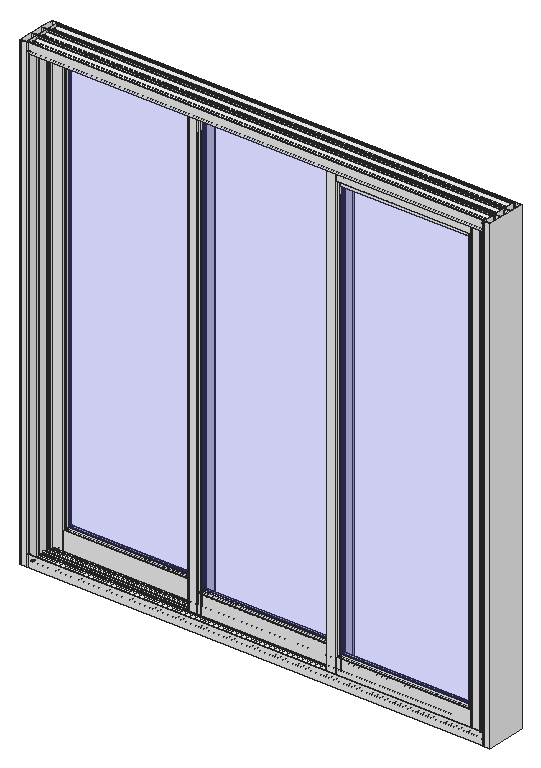
Revit family "Crealco Palace OXX", category Doors, host Wall, Revit 2016
Family settings
  Host = Wall
  OmniClass Number = 23.30.20.00
  OmniClass Title = Windows
  Always vertical = Yes
  Cut with Voids When Loaded = No
  Shared = No
  Room Calculation Point = No
Parameters (values of type "2090 x 2090mm (Palace-2121OXX)")
  f [instance] = if(L > 411.5 mm, L / 240 mm + 0.6, L / 175 mm)  # 1.1943
  b [instance] = Sash Width  # 701.367 mm
  a [instance] = Sash Width  # 701.367 mm
  Standard Interlock Ix = 25.866  # constant formula
  Standard Interlock [instance] = if(Ix < Standard Interlock Ix, 1 = 1, 1 = 0)  # yes
  Single Glazing [instance] = if(not(Glazing Thickness > 12 mm), 1 = 1, 1 = 0)  # yes
  Sash Width [instance] = ((Width - (2 * Sash Side Gap)) / 3) + 26.7 mm  # 701.367 mm
  Sash Top Gap = 28 mm  # constant formula
  Sash Side Gap = 33 mm  # constant formula
  Sash Middle Side Gap [instance] = Sash Side Gap + Sash Width - 40 mm  # 694.367 mm
  Sash Height [instance] = Height - Sash Top Gap - Sash Bottom Gap  # 2031 mm
  Sash Bottom Gap = 31 mm  # constant formula
  Heavy Duty Interlock [instance] = not(Standard Interlock)  # no
  Double Glazing [instance] = not(Single Glazing)  # no
  Door Width [instance] = 2090 mm
  Door Height [instance] = 2090 mm
  Wind Load [instance] = 1000
  Width [instance] = if(Standard Size, Standard Width, if(Enforce Size Limitations, if(Door Width > Limit Window Width Max, Limit Window Width Max, if(Door Width < Limit Window Width Min, Limit Window Width Min, Door Width)), Door Width))  # 2090 mm
  Wall Thickness [instance] = 200 mm
  W [instance] = Design Wind Load  # 1000
  URL = "https://www.crealco.co.za/crealco-products.php"
  Type Comments = "Palace-2121OXX"
  Standard Width = 2090 mm
  Standard Size = yes
  Standard Height = 2090 mm
  Show Opening Lines [instance] = yes
  Show Inertia Warnings [instance] = yes
  Q_RHS [instance] = W * A_RHS  # 609.9494
  Q_LHS [instance] = W * A_LHS  # 609.9494
  Model = "Palace"  # constant formula
  Min Wind Load = 0  # constant formula
  Max Wind Load = 10000  # constant formula
  Manufacturer = "Crealco"  # constant formula
  Limit Window Width Min = (3 * (Limit Sash Width Min - 26.7 mm)) + (2 * Sash Side Gap)  # 885.9 mm
  Limit Window Width Max = (3 * (Limit Sash Width Max - 26.7 mm)) + (2 * Sash Side Gap)  # 4485.9 mm
  Limit Window Height Min = Limit Sash Height Min + Sash Top Gap + Sash Bottom Gap  # 359 mm
  Limit Window Height Max = Limit Sash Height Max + Sash Top Gap + Sash Bottom Gap  # 2459 mm
  Limit Sash Width Min = 300 mm  # constant formula
  Limit Sash Width Max = 1500 mm  # constant formula
  Limit Sash Height Min = 300 mm  # constant formula
  Limit Sash Height Max = 2400 mm  # constant formula
  Limit Glazing Thickness Min = 6.3 mm  # constant formula
  Limit Glazing Thickness Max = 25 mm  # constant formula
  L [instance] = Height / 10  # 209 mm
  Ix_RHS [instance] = if((b / 10) < L, (((Q_RHS * (L ^ 4)) / (1920.00 m³ * (L - C_RHS) * E * f)) * (25 - 40 * (C_RHS ^ 2) / (L ^ 2) + 16 * (C_RHS ^ 4) / (L ^ 4))) * (10 * 10 ^ 8), ((Q_RHS * L ^ 3) / (60.00 m³ * E * f)) * (10 * 10 ^ 8))  # 9.9574
  Ix_LHS [instance] = if((a / 10) < L, (((Q_LHS * (L ^ 4)) / (1920.00 m³ * (L - C_LHS) * E * f)) * (25 - 40 * (C_LHS ^ 2) / (L ^ 2) + 16 * (C_LHS ^ 4) / (L ^ 4))) * (10 * 10 ^ 8), ((Q_LHS * L ^ 3) / (60.00 m³ * E * f)) * (10 * 10 ^ 8))  # 9.9574
  Ix [instance] = Ix_LHS + Ix_RHS  # 19.9148
  Height [instance] = if(Standard Size, Standard Height, if(Enforce Size Limitations, if(Door Height > Limit Window Height Max, Limit Window Height Max, if(Door Height < Limit Window Height Min, Limit Window Height Min, Door Height)), Door Height))  # 2090 mm
  Glazing Thickness [instance] = 6.4 mm
  Glazing Finish [instance] = Glass
  Frame Offset From Exterior [instance] = 30 mm
  Frame Offset [instance] = if(Frame Centered In Wall, Wall Thickness / 2, Frame Offset From Exterior + 14 mm)  # 100 mm
  Frame Centered In Wall [instance] = yes
  Enforce Size Limitations [instance] = yes
  E [instance] = 7 * (10 ^ 6)  # 7000000
  Design Wind Load [instance] = if(Wind Load < Min Wind Load, Min Wind Load, if(Wind Load > Max Wind Load, Max Wind Load, Wind Load))  # 1000
  Design Glazing Thickness [instance] = if(Glazing Thickness < Limit Glazing Thickness Min, Limit Glazing Thickness Min, if(Glazing Thickness > Limit Glazing Thickness Max, Limit Glazing Thickness Max, Glazing Thickness))  # 6.4 mm
  Description = "High Performance Sliding Door"  # constant formula
  Default Sill Height = 0 mm  # constant formula
  Wall Closure = By host
  C_RHS [instance] = b / 20  # 35.068 mm
  C_LHS [instance] = a / 20  # 35.068 mm
  Aluminium Finish [instance] = White Powder Coated Aluminium ANP 1052
  A_RHS [instance] = (if((b / 10) < L, L * C_RHS - (C_RHS ^ 2), 0.5 * L * C_RHS)) / 0.01 m²  # 0.60995
  A_LHS [instance] = (if((a / 10) < L, L * C_LHS - (C_LHS ^ 2), 0.5 * L * C_LHS)) / 0.01 m²  # 0.60995
Reference planes
  plane 1 "Center (Front/Back)": y = 0
  plane 2 "Center (Left/Right)": x = 0
  plane 3 "Left": x = -1045
  plane 4 "Right": x = 1045
  plane 5 "Sill": z = 0
  plane 6 "Head": z = 2090
  plane 7 "Exterior": y = 100
  plane 8 "Interior": y = -100
  plane 9: y = 0
  plane 10: x = 1012
  plane 11: x = -1012
  plane 12: z = 2062
  plane 13: z = 31
  plane 14: x = 350.633
Lines and regions (mm)
  Opening 1
    outline origin (3469.517, -100, 0) x (1, 0, 0) y (0, 0, 1)
      loop
        line (-2424.517, 0) -> (-2424.517, 2090) -> (-4514.517, 2090) -> (-4514.517, 0) -> (-2424.517, 0)
Text (mm)
  text "EXTERIOR" at (-1963.203, 1332.353, 0), in view "Ref. Level"
  text "INTERIOR" at (-1981.466, -818.386, 0), in view "Ref. Level"
  text "Exterior" at (0, 923.751, 2943.296), in view "Right"
  text "Exterior" at (0, 1040.484, 2685.409), in view "Left"
Dimensions and locks
  equal spacing: plane 3 "Left", plane 2 "Center (Left/Right)", plane 4 "Right"
  "Width": plane 3 "Left" to plane 4 "Right"
  "Height": plane 5 "Sill" to plane 6 "Head"
  "Default Sill Height": plane 5 "Sill" to level
  locked: plane 7 "Exterior" to host wall at 0
  locked: plane 8 "Interior" to host wall
  "Wall Thickness": host wall to host wall
  "Frame Offset": host wall to plane 9
  "Sash Side Gap": plane 3 "Left" to plane 11
  "Sash Side Gap": plane 10 to plane 4 "Right"
  "Sash Bottom Gap": plane 5 "Sill" to plane 13
  "Sash Top Gap": plane 12 to plane 6 "Head"
  "Sash Middle Side Gap": plane 14 to plane 4 "Right"
  aligned and locked: nested 1 to plane 2 "Center (Left/Right)"
  aligned and locked: nested 1 to plane 9
  aligned and locked: level to nested 1
  aligned and locked: plane 10 to nested 2
  aligned and locked: nested 2 to plane 12
  aligned and locked: nested 2 to nested 1
  aligned and locked: plane 14 to nested 3
  aligned and locked: nested 1 to nested 3
  aligned and locked: nested 3 to plane 12
  aligned and locked: nested 4 to plane 11
  aligned and locked: nested 4 to plane 12
  aligned and locked: nested 4 to nested 1
Automatic sketch dimensions
  Opening 1 sketch curve to plane 3 "Left" = 0 mm
  Opening 1 sketch curve to plane 4 "Right" = 0 mm
  Opening 1 sketch curve to plane 5 "Sill" = 0 mm
  Opening 1 sketch curve to plane 6 "Head" = 0 mm
Nested families
  nested 1: "Palace Triple Track Frame" at (0, 0, 0), Frame Height <- "Height", Frame Width <- "Width", Profile Material <- "Aluminium Finish", type "Palace Triple Track Frame"
    with Sill Length 2030 mm, Profile Material White Powder Coated Aluminium ANP 1052, Jamb Length 2090 mm, Jamb Adaptor Length 2021.2 mm, Jamb Adaptor Front Right yes, Jamb Adaptor Front Left no, Jamb Adaptor Back Right no, Jamb Adaptor Back Left yes, Head Length 2030 mm, Frame Width 2090 mm, Frame Height 2090 mm, Floor Track Middle yes, Floor Track Length 2030 mm, Floor Track Front yes
  nested 2: "Palace Sash" at (661.317, -55, 31), Profile Material <- "Aluminium Finish", Glazing Material <- "Glazing Finish", Glazing Thickness <- "Glazing Thickness", Sash Height <- "Sash Height", Sash Width <- "Sash Width", Double Glazing <- "Double Glazing", Side 1 Interlock 2 <- "Standard Interlock", Side 1 Interlock 2 HD <- "Heavy Duty Interlock", type "Palace Sash"
    with Single Glazing yes, Sill Length 601.367 mm, Side 2 Meeting Stile no, Side 2 Jamb yes, Side 2 Interlock 2 HD no, Side 2 Interlock 2 no, Side 2 Interlock 1 HD no, Side 2 Interlock 1 no, Side 2 Astragal HD no, Side 2 Astragal no, Side 1 Meeting Stile no, Side 1 Jamb no, Side 1 Interlock 2 HD no, Side 1 Interlock 2 yes, Side 1 Interlock 1 HD no, Side 1 Interlock 1 no, Side 1 Astragal HD no, Side 1 Astragal no, Sash Width 701.367 mm, Sash Height 2031 mm, Right Sliding no, Profile Material White Powder Coated Aluminium ANP 1052, Left Sliding no, Jamb Length 2031 mm, Head Sill Side 2 Gap 60 mm, Head Sill Side 1 Gap 40 mm, Head Length 601.367 mm, Glazing Width 591.367 mm, Glazing Thickness 6.4 mm, Glazing Offset 14.3 mm, Glazing Material Glass, Glazing Height 1886 mm, Double Glazing no, DG Thickness 14 mm
  nested 3: "Palace Sash" at (-0.05, 0, 31), Profile Material <- "Aluminium Finish", Glazing Material <- "Glazing Finish", Glazing Thickness <- "Glazing Thickness", Sash Height <- "Sash Height", Sash Width <- "Sash Width", Double Glazing <- "Double Glazing", Side 1 Interlock 2 <- "Standard Interlock", Side 1 Interlock 2 HD <- "Heavy Duty Interlock", Side 2 Interlock 1 <- "Standard Interlock", Side 2 Interlock 1 HD <- "Heavy Duty Interlock", Left Sliding <- "Show Opening Lines", type "Palace Sash"
    with Single Glazing yes, Sill Length 621.367 mm, Side 2 Meeting Stile no, Side 2 Jamb no, Side 2 Interlock 2 HD no, Side 2 Interlock 2 no, Side 2 Interlock 1 HD no, Side 2 Interlock 1 yes, Side 2 Astragal HD no, Side 2 Astragal no, Side 1 Meeting Stile no, Side 1 Jamb no, Side 1 Interlock 2 HD no, Side 1 Interlock 2 yes, Side 1 Interlock 1 HD no, Side 1 Interlock 1 no, Side 1 Astragal HD no, Side 1 Astragal no, Sash Width 701.367 mm, Sash Height 2031 mm, Right Sliding no, Profile Material White Powder Coated Aluminium ANP 1052, Left Sliding yes, Jamb Length 2031 mm, Head Sill Side 2 Gap 40 mm, Head Sill Side 1 Gap 40 mm, Head Length 621.367 mm, Glazing Width 611.367 mm, Glazing Thickness 6.4 mm, Glazing Offset 14.3 mm, Glazing Material Glass, Glazing Height 1886 mm, Double Glazing no, DG Thickness 14 mm
  nested 4: "Palace Sash" at (-661.317, 55, 31), Profile Material <- "Aluminium Finish", Glazing Material <- "Glazing Finish", Glazing Thickness <- "Glazing Thickness", Sash Height <- "Sash Height", Sash Width <- "Sash Width", Double Glazing <- "Double Glazing", Left Sliding <- "Show Opening Lines", Side 2 Interlock 1 <- "Standard Interlock", Side 2 Interlock 1 HD <- "Heavy Duty Interlock", type "Palace Sash"
    with Single Glazing yes, Sill Length 601.367 mm, Side 2 Meeting Stile no, Side 2 Jamb no, Side 2 Interlock 2 HD no, Side 2 Interlock 2 no, Side 2 Interlock 1 HD no, Side 2 Interlock 1 yes, Side 2 Astragal HD no, Side 2 Astragal no, Side 1 Meeting Stile no, Side 1 Jamb yes, Side 1 Interlock 2 HD no, Side 1 Interlock 2 no, Side 1 Interlock 1 HD no, Side 1 Interlock 1 no, Side 1 Astragal HD no, Side 1 Astragal no, Sash Width 701.367 mm, Sash Height 2031 mm, Right Sliding no, Profile Material White Powder Coated Aluminium ANP 1052, Left Sliding yes, Jamb Length 2031 mm, Head Sill Side 2 Gap 40 mm, Head Sill Side 1 Gap 60 mm, Head Length 601.367 mm, Glazing Width 591.367 mm, Glazing Thickness 6.4 mm, Glazing Offset 14.3 mm, Glazing Material Glass, Glazing Height 1886 mm, Double Glazing no, DG Thickness 14 mm
  nested 5: "Palace Single Glazing" at (355.633, -65.9, 121) x (-1, 0, 0) z (0, 0, 1), type "Palace Single Glazing"
    with Right Sliding no, Length Arrow Tip 49.572 mm, Length Arrow 163.589 mm, Left Sliding no, Is Sliding no, Glazing Width 591.367 mm, Glazing Thickness SG 6.4 mm, Glazing Material Glass, Glazing Height 1886 mm, Double Glazing Gasket Material none, Arrow Tip Length 49.572 mm, Arrow Left Gap 213.889 mm, Arrow Bottom Gap 943 mm
  nested 6: "Palace Single Glazing" at (-305.733, -10.9, 121) x (-1, 0, 0) z (0, 0, 1), type "Palace Single Glazing"
    with Right Sliding yes, Length Arrow Tip 51.593 mm, Length Arrow 170.256 mm, Left Sliding no, Is Sliding yes, Glazing Width 611.367 mm, Glazing Thickness SG 6.4 mm, Glazing Material Glass, Glazing Height 1886 mm, Double Glazing Gasket Material none, Arrow Tip Length 51.593 mm, Arrow Left Gap 220.556 mm, Arrow Bottom Gap 943 mm
  nested 7: "Palace Single Glazing" at (-947, 44.1, 121) x (-1, 0, 0) z (0, 0, 1), type "Palace Single Glazing"
    with Right Sliding yes, Length Arrow Tip 49.572 mm, Length Arrow 163.589 mm, Left Sliding no, Is Sliding yes, Glazing Width 591.367 mm, Glazing Thickness SG 6.4 mm, Glazing Material Glass, Glazing Height 1886 mm, Double Glazing Gasket Material none, Arrow Tip Length 49.572 mm, Arrow Left Gap 213.889 mm, Arrow Bottom Gap 943 mm
Definition of nested family "Palace Triple Track Frame"
  Parameters (values of type "Palace Triple Track Frame")
    Sill Length [instance] = Frame Width - (2 * Head Sill Side Gap)  # 940 mm
    Sash Offset = 55 mm  # constant formula
    Profile Material [instance] = none
    Jamb Adaptor Length [instance] = Frame Height - Head Thickness - 23.8 mm  # 931.2 mm
    Sill Thickness = 50 mm  # constant formula
    Jamb Adaptor Front Right [instance] = yes
    Jamb Adaptor Front Left [instance] = yes
    Jamb Adaptor Back Right [instance] = yes
    Jamb Adaptor Back Left [instance] = yes
    Head Thickness = 45 mm  # constant formula
    Head Sill Side Gap = 30 mm  # constant formula
    Jamb Length [instance] = Frame Height  # 1000 mm
    Head Length [instance] = Frame Width - (2 * Head Sill Side Gap)  # 940 mm
    Frame Width [instance] = 1000 mm
    Frame Height [instance] = 1000 mm
    Floor Track Middle [instance] = yes
    Floor Track Length [instance] = Frame Width - (2 * Head Sill Side Gap)  # 940 mm
    Floor Track Front [instance] = yes
  Reference planes
    plane 1 "Center (Front/Back)": y = 0
    plane 2: z = 0
    plane 3 "Center (Left/Right)": x = 0
    plane 4: x = -500
    plane 5: x = 500
    plane 6: z = 1000
    plane 7: z = 500
    plane 8: x = -470
    plane 9: x = 470
    plane 10: y = 55
    plane 11: y = -55
    plane 12: z = 955
    plane 13: z = 50
  Dimensions and locks
    equal spacing: plane 4, plane 3 "Center (Left/Right)", plane 5
    "Frame Width": plane 4 to plane 5
    equal spacing: plane 6, plane 7, level
    "Frame Height": plane 6 to level
    "Head Sill Side Gap": plane 9 to plane 5
    "Head Sill Side Gap": plane 4 to plane 8
    "Sash Offset": plane 11 to plane 1 "Center (Front/Back)"
    "Sash Offset": plane 1 "Center (Front/Back)" to plane 10
    "Head Thickness": plane 12 to plane 6
    "Sill Thickness": plane 13 to level
    aligned and locked: level to plane 2
    aligned and locked: plane 8 to nested 1
    aligned and locked: nested 1 to plane 6
    aligned and locked: plane 1 "Center (Front/Back)" to nested 1
    aligned and locked: plane 8 to nested 2
    aligned and locked: plane 1 "Center (Front/Back)" to nested 2
    aligned and locked: plane 2 to nested 2
    aligned and locked: nested 4 to plane 5
    aligned and locked: nested 3 to plane 4
    aligned and locked: nested 3 to plane 2
    aligned and locked: nested 4 to plane 2
    aligned and locked: plane 1 "Center (Front/Back)" to nested 3
    aligned and locked: nested 4 to plane 1 "Center (Front/Back)"
    aligned and locked: plane 8 to nested 5
    aligned and locked: nested 6 to plane 9
    aligned and locked: plane 12 to nested 5
    aligned and locked: plane 12 to nested 6
    aligned and locked: nested 5 to plane 10
    aligned and locked: nested 6 to plane 10
    aligned and locked: plane 1 "Center (Front/Back)" to nested 7
    aligned and locked: nested 7 to nested 2
    aligned and locked: nested 8 to nested 2
    aligned and locked: plane 8 to nested 8
    aligned and locked: plane 8 to nested 7
    aligned and locked: plane 8 to nested 10
    aligned and locked: nested 9 to plane 9
    aligned and locked: plane 12 to nested 9
    aligned and locked: plane 12 to nested 10
    aligned and locked: nested 9 to plane 11
    aligned and locked: nested 10 to plane 11
  Nested families
    nested 1: "Palace Triple Track Head" at (-470, 0, -1.436), Profile Material <- "Profile Material", Head Length <- "Head Length", type "Palace Triple Track Head"
      with Profile Material none, Head Length 940 mm
    nested 2: "Palace Triple Track Sill" at (-470, 0, 0), Profile Material <- "Profile Material", Sill Length <- "Sill Length", type "Palace Triple Track Sill"
      with Sill Length 940 mm, Profile Material none
    nested 3: "Palace Triple Track Jamb" at (-484.5, 0, 0), Profile Material <- "Profile Material", Jamb Length <- "Jamb Length", type "Palace Triple Track Jamb"
      with Profile Material none, Jamb Length 1000 mm
    nested 4: "Palace Triple Track Jamb" at (484.5, 0, 0) x (-1, 0, 0) z (0, 0, 1), Profile Material <- "Profile Material", Jamb Length <- "Jamb Length", type "Palace Triple Track Jamb"
      with Profile Material none, Jamb Length 1000 mm
    nested 5: "Palace Jamb Adpator" at (-470, 24.5, 23.8), Profile Material <- "Profile Material", Jamb Adaptor Length <- "Jamb Adaptor Length", visible <- "Jamb Adaptor Front Right", type "Palace Jamb Adpator"
      with Profile Material none, Jamb Adaptor Length 931.2 mm
    nested 6: "Palace Jamb Adpator" at (470, 85.5, 23.8) x (-1, 0, 0) z (0, 0, 1), Profile Material <- "Profile Material", Jamb Adaptor Length <- "Jamb Adaptor Length", visible <- "Jamb Adaptor Front Left", type "Palace Jamb Adpator"
      with Profile Material none, Jamb Adaptor Length 931.2 mm
    nested 7: "Palace Floor Track" at (-470, 0, 16.444), Profile Material <- "Profile Material", Length Floor Track <- "Floor Track Length", visible <- "Floor Track Middle", type "Palace Floor Track"
      with Profile Material none, Length Floor Track 940 mm
    nested 8: "Palace Floor Track" at (-470, 55, 16.444), Profile Material <- "Profile Material", Length Floor Track <- "Floor Track Length", visible <- "Floor Track Front", type "Palace Floor Track"
      with Profile Material none, Length Floor Track 940 mm
    nested 9: "Palace Jamb Adpator Cutout 1" at (470, -24.5, 23.8) x (-1, 0, 0) z (0, 0, 1), Jamb Adaptor Length <- "Jamb Adaptor Length", Profile Material <- "Profile Material", visible <- "Jamb Adaptor Back Left", type "Palace Jamb Adpator Cutout 1"
      with Profile Material none, Jamb Adaptor Length 931.2 mm
    nested 10: "Palace Jamb Adpator Cutout 2" at (-470, -85.5, 23.8), visible <- "Jamb Adaptor Back Right", Profile Material <- "Profile Material", Jamb Adaptor Length <- "Jamb Adaptor Length", type "Palace Jamb Adpator Cutout 2"
      with Profile Material none, Jamb Adaptor Length 931.2 mm
  Definition of nested family "Palace Triple Track Head"
    Parameters (values of type "Palace Triple Track Head")
      Profile Material [instance] = none
      Head Thickness = 45 mm  # constant formula
      Head Length [instance] = 250 mm
      Head Depth = 171 mm  # constant formula
    Reference planes
      plane 1 "Center (Front/Back)": y = 0
      plane 2: z = 0
      plane 3 "Center (Left/Right)": x = 0
      plane 4: y = -85.5
      plane 5: y = 85.5
      plane 6: z = 1001.436
      plane 7: z = 956.436
      plane 8: z = 978.936
      plane 9: x = 250
    Forms (mm)
      Extrusion 1, solid, material <- "Profile Material"
        sketch origin (0, 0, 0) x (0, 1, 0) y (0, 0, 1)
          loop
            arc (30.217, 1000.036) -> (30.137, 1000.984) -> (29.3, 1001.436) r 1
            line (29.3, 1001.436) -> (27.5, 1001.436) -> (25.7, 1001.436)
            arc (25.7, 1001.436) -> (24.863, 1000.984) -> (24.783, 1000.036) r 1
            line (24.783, 1000.036) -> (26.7, 1000.036) -> (26.7, 993.236) -> (-26.7, 993.236) -> (-26.7, 1000.036) -> (-24.783, 1000.036)
            arc (-24.783, 1000.036) -> (-24.863, 1000.984) -> (-25.7, 1001.436) r 1
            line (-25.7, 1001.436) -> (-29.3, 1001.436)
            arc (-29.3, 1001.436) -> (-30.137, 1000.984) -> (-30.217, 1000.036) r 1
            line (-30.217, 1000.036) -> (-28.3, 1000.036) -> (-28.3, 993.236) -> (-83.3, 993.236)
            arc (-83.3, 993.236) -> (-83.724, 993.412) -> (-83.9, 993.836) r 0.6
            line (-83.9, 993.836) -> (-83.9, 999.436)
            arc (-83.9, 999.436) -> (-83.724, 999.86) -> (-83.3, 1000.036) r 0.6
            line (-83.3, 1000.036) -> (-79.783, 1000.036)
            arc (-79.783, 1000.036) -> (-79.863, 1000.984) -> (-80.7, 1001.436) r 1
            line (-80.7, 1001.436) -> (-85.5, 1001.436) -> (-85.5, 956.436) -> (-79.7, 956.436) -> (-79.7, 958.686)
            arc (-79.7, 958.686) -> (-80.2, 959.186) -> (-80.7, 958.686) r 0.5
            line (-80.7, 958.686) -> (-80.7, 957.686) -> (-81.9, 957.686) -> (-81.9, 959.186) -> (-83.5, 959.186) -> (-83.5, 963.686) -> (-81.9, 963.686) -> (-81.9, 965.186) -> (-80.7, 965.186) -> (-80.7, 964.186)
            arc (-80.7, 964.186) -> (-80.2, 963.686) -> (-79.7, 964.186) r 0.5
            line (-79.7, 964.186) -> (-79.7, 966.436) -> (-83.7, 966.436) -> (-83.7, 991.436) -> (-57.993, 991.436)
            arc (-57.993, 991.436) -> (-58.583, 989.091) -> (-57.557, 986.902) r 3.6
            arc (-57.557, 986.902) -> (-56.496, 986.897) -> (-56.492, 987.958) r 0.75
            arc (-56.492, 987.958) -> (-55, 991.536) -> (-53.508, 987.958) r 2.1
            arc (-53.508, 987.958) -> (-53.504, 986.897) -> (-52.443, 986.902) r 0.75
            arc (-52.443, 986.902) -> (-51.417, 989.091) -> (-52.007, 991.436) r 3.6
            line (-52.007, 991.436) -> (-28.4, 991.436) -> (-28.4, 966.436) -> (-30.3, 966.436) -> (-30.3, 964.186)
            arc (-30.3, 964.186) -> (-29.8, 963.686) -> (-29.3, 964.186) r 0.5
            line (-29.3, 964.186) -> (-29.3, 965.186) -> (-28.1, 965.186) -> (-28.1, 957.686) -> (-29.3, 957.686) -> (-29.3, 958.686)
            arc (-29.3, 958.686) -> (-29.8, 959.186) -> (-30.3, 958.686) r 0.5
            line (-30.3, 958.686) -> (-30.3, 956.436) -> (-24.7, 956.436) -> (-24.7, 958.686)
            arc (-24.7, 958.686) -> (-25.2, 959.186) -> (-25.7, 958.686) r 0.5
            line (-25.7, 958.686) -> (-25.7, 957.686) -> (-26.9, 957.686) -> (-26.9, 965.186) -> (-25.7, 965.186) -> (-25.7, 964.186)
            arc (-25.7, 964.186) -> (-25.2, 963.686) -> (-24.7, 964.186) r 0.5
            line (-24.7, 964.186) -> (-24.7, 966.436) -> (-26.6, 966.436) -> (-26.6, 991.436) -> (-2.993, 991.436)
            arc (-2.993, 991.436) -> (-3.583, 989.091) -> (-2.557, 986.902) r 3.6
            arc (-2.557, 986.902) -> (-1.496, 986.897) -> (-1.492, 987.958) r 0.75
            arc (-1.492, 987.958) -> (-1.929, 990.265) -> (0.045, 991.536) r 2.1
            arc (0.045, 991.536) -> (1.947, 990.223) -> (1.492, 987.958) r 2.1
            arc (1.492, 987.958) -> (1.496, 986.897) -> (2.557, 986.902) r 0.75
            arc (2.557, 986.902) -> (3.583, 989.091) -> (2.993, 991.436) r 3.6
            line (2.993, 991.436) -> (26.6, 991.436) -> (26.6, 966.436) -> (24.7, 966.436) -> (24.7, 964.186)
            arc (24.7, 964.186) -> (25.2, 963.686) -> (25.7, 964.186) r 0.5
            line (25.7, 964.186) -> (25.7, 965.186) -> (26.9, 965.186) -> (26.9, 957.686) -> (25.7, 957.686) -> (25.7, 958.686)
            arc (25.7, 958.686) -> (25.2, 959.186) -> (24.7, 958.686) r 0.5
            line (24.7, 958.686) -> (24.7, 956.436) -> (30.3, 956.436) -> (30.3, 958.686)
            arc (30.3, 958.686) -> (29.8, 959.186) -> (29.3, 958.686) r 0.5
            line (29.3, 958.686) -> (29.3, 957.686) -> (28.1, 957.686) -> (28.1, 965.186) -> (29.3, 965.186) -> (29.3, 964.186)
            arc (29.3, 964.186) -> (29.8, 963.686) -> (30.3, 964.186) r 0.5
            line (30.3, 964.186) -> (30.3, 966.436) -> (28.4, 966.436) -> (28.4, 991.436) -> (52.007, 991.436)
            arc (52.007, 991.436) -> (51.417, 989.091) -> (52.443, 986.902) r 3.6
            arc (52.443, 986.902) -> (53.504, 986.897) -> (53.508, 987.958) r 0.75
            arc (53.508, 987.958) -> (53.02, 990.136) -> (54.768, 991.523) r 2.1
            arc (54.768, 991.523) -> (56.891, 990.35) -> (56.492, 987.958) r 2.1
            arc (56.492, 987.958) -> (56.496, 986.897) -> (57.557, 986.902) r 0.75
            arc (57.557, 986.902) -> (58.583, 989.091) -> (57.993, 991.436) r 3.6
            line (57.993, 991.436) -> (83.7, 991.436) -> (83.7, 966.436) -> (79.7, 966.436) -> (79.7, 964.186)
            arc (79.7, 964.186) -> (80.2, 963.686) -> (80.7, 964.186) r 0.5
            line (80.7, 964.186) -> (80.7, 965.186) -> (81.9, 965.186) -> (81.9, 963.686) -> (83.5, 963.686) -> (83.5, 959.186) -> (81.9, 959.186) -> (81.9, 957.686) -> (80.7, 957.686) -> (80.7, 958.686)
            arc (80.7, 958.686) -> (80.2, 959.186) -> (79.7, 958.686) r 0.5
            line (79.7, 958.686) -> (79.7, 956.436) -> (85.5, 956.436) -> (85.5, 1001.436) -> (80.7, 1001.436)
            arc (80.7, 1001.436) -> (79.863, 1000.984) -> (79.783, 1000.036) r 1
            line (79.783, 1000.036) -> (83.3, 1000.036)
            arc (83.3, 1000.036) -> (83.724, 999.86) -> (83.9, 999.436) r 0.6
            line (83.9, 999.436) -> (83.9, 993.836)
            arc (83.9, 993.836) -> (83.724, 993.412) -> (83.3, 993.236) r 0.6
            line (83.3, 993.236) -> (28.3, 993.236) -> (28.3, 1000.036) -> (30.217, 1000.036)
        from 0 to 250 <- "Head Length"
    Dimensions and locks
      equal spacing: plane 4, plane 1 "Center (Front/Back)", plane 5
      "Head Depth": plane 4 to plane 5
      equal spacing: plane 6, plane 8, plane 7
      "Head Thickness": plane 6 to plane 7
      "Head Length": plane 3 "Center (Left/Right)" to plane 9
      aligned and locked: level to plane 2
    Automatic sketch dimensions
      Extrusion 1 sketch curve to Extrusion 1 sketch curve = 0 mm  (x51)
      plane 7 to Extrusion 1 sketch curve = 0 mm  (x3)
      Extrusion 1 sketch curve to plane 4 = 0 mm
      Extrusion 1 sketch curve to Extrusion 1 sketch curve = 1.6 mm  (x6)
      Extrusion 1 sketch curve to Extrusion 1 sketch curve = 0.2 mm
      Extrusion 1 sketch curve to Extrusion 1 sketch curve = 2 mm  (x2)
      Extrusion 1 sketch curve to Extrusion 1 sketch curve = 0.6 mm  (x2)
      Extrusion 1 sketch curve to plane 6 = 7.6 mm  (x2)
      Extrusion 1 sketch curve to Extrusion 1 sketch curve = 2.6 mm  (x2)
      Extrusion 1 sketch curve to Extrusion 1 sketch curve = 1.2 mm  (x11)
      Extrusion 1 sketch curve to Extrusion 1 sketch curve = 0.5 mm  (x16)
      Extrusion 1 sketch curve to Extrusion 1 sketch curve = 0.917 mm  (x5)
      Extrusion 1 sketch curve to plane 6 = 10 mm  (x5)
      Extrusion 1 sketch curve to Extrusion 1 sketch curve = 21.79 mm  (x3)
      Extrusion 1 sketch curve to Extrusion 1 sketch curve = 0.969 mm  (x2)
      Extrusion 1 sketch curve to Extrusion 1 sketch curve = 2.024 mm  (x4)
      Extrusion 1 sketch curve to Extrusion 1 sketch curve = 2.993 mm  (x2)
      plane 1 "Center (Front/Back)" to Extrusion 1 sketch curve = 30.3 mm  (x2)
      plane 1 "Center (Front/Back)" to Extrusion 1 sketch curve = 30.217 mm
      plane 1 "Center (Front/Back)" to Extrusion 1 sketch curve = 29.3 mm
      plane 1 "Center (Front/Back)" to Extrusion 1 sketch curve = 28.4 mm
      plane 1 "Center (Front/Back)" to Extrusion 1 sketch curve = 28.3 mm
      plane 1 "Center (Front/Back)" to Extrusion 1 sketch curve = 28.1 mm
      Extrusion 1 sketch curve to Extrusion 1 sketch curve = 1.8 mm  (x3)
      Extrusion 1 sketch curve to Extrusion 1 sketch curve = 1 mm  (x13)
      plane 5 to Extrusion 1 sketch curve = 60.8 mm
      Extrusion 1 sketch curve to plane 6 = 1.4 mm  (x3)
      Extrusion 1 sketch curve to Extrusion 1 sketch curve = 1.817 mm
      Extrusion 1 sketch curve to Extrusion 1 sketch curve = 0.8 mm
      plane 5 to Extrusion 1 sketch curve = 33.493 mm
      plane 5 to Extrusion 1 sketch curve = 32.524 mm
      plane 5 to Extrusion 1 sketch curve = 30.5 mm
      plane 5 to Extrusion 1 sketch curve = 28.476 mm
      plane 5 to Extrusion 1 sketch curve = 27.507 mm
      plane 7 to Extrusion 1 sketch curve = 2.25 mm
      plane 5 to Extrusion 1 sketch curve = 5.8 mm
      plane 5 to Extrusion 1 sketch curve = 5.717 mm
      Extrusion 1 sketch curve to plane 6 = 8.2 mm  (x2)
      Extrusion 1 sketch curve to Extrusion 1 sketch curve = 2.25 mm
      Extrusion 1 sketch curve to Extrusion 1 sketch curve = 1.25 mm  (x10)
      Extrusion 1 sketch curve to Extrusion 1 sketch curve = 4.5 mm  (x2)
      Extrusion 1 sketch curve to Extrusion 1 sketch curve = 5.5 mm  (x2)
      Extrusion 1 sketch curve to Extrusion 1 sketch curve = 1.5 mm  (x2)
      Extrusion 1 sketch curve to Extrusion 1 sketch curve = 4.006 mm  (x2)
      Extrusion 1 sketch curve to plane 6 = 14.006 mm
      Extrusion 1 sketch curve to Extrusion 1 sketch curve = 2.006 mm  (x3)
      Extrusion 1 sketch curve to plane 6 = 2 mm
      Extrusion 1 sketch curve to Extrusion 1 sketch curve = 0.4 mm  (x4)
      Extrusion 1 sketch curve to Extrusion 1 sketch curve = 0.045 mm
      Extrusion 1 sketch curve to Extrusion 1 sketch curve = 0.232 mm
  Definition of nested family "Palace Triple Track Sill"
    Parameters (values of type "Palace Triple Track Sill")
      Sill Thickness = 50 mm  # constant formula
      Sill Length [instance] = 250 mm
      Sill Depth = 171 mm  # constant formula
      Profile Material [instance] = none
    Reference planes
      plane 1 "Center (Front/Back)": y = 0
      plane 2: z = 0
      plane 3 "Center (Left/Right)": x = 0
      plane 4: y = -85.5
      plane 5: y = 85.5
      plane 6: z = 50
      plane 7: z = 25
    Forms (mm)
      Extrusion 1, solid, material <- "Profile Material"
        sketch origin (0, 0, 0) x (0, 1, 0) y (0, 0, 1)
          loop
            line (-41.65, 15.744) -> (-43.4, 15.744)
            arc (-43.4, 15.744) -> (-44.194, 15.929) -> (-44.825, 16.444) r 1.8
            line (-44.825, 16.444) -> (-67.65, 16.444)
            arc (-67.65, 16.444) -> (-68.074, 16.62) -> (-68.25, 17.044) r 0.6
            line (-68.25, 17.044) -> (-68.25, 19.405)
            arc (-68.25, 19.405) -> (-69.349, 22.158) -> (-72.041, 23.399) r 4
            line (-72.041, 23.399) -> (-82.752, 23.961)
            arc (-82.752, 23.961) -> (-83.425, 24.271) -> (-83.7, 24.959) r 1
            line (-83.7, 24.959) -> (-83.7, 40) -> (-79.7, 40) -> (-79.7, 42.25)
            arc (-79.7, 42.25) -> (-80.2, 42.75) -> (-80.7, 42.25) r 0.5
            line (-80.7, 42.25) -> (-80.7, 41.25) -> (-81.9, 41.25) -> (-81.9, 42.75) -> (-83.5, 42.75) -> (-83.5, 47.25) -> (-81.9, 47.25) -> (-81.9, 48.75) -> (-80.7, 48.75) -> (-80.7, 47.75)
            arc (-80.7, 47.75) -> (-80.2, 47.25) -> (-79.7, 47.75) r 0.5
            line (-79.7, 47.75) -> (-79.7, 50) -> (-85.5, 50) -> (-85.5, 0) -> (-80.7, 0)
            arc (-80.7, 0) -> (-79.863, 0.452) -> (-79.783, 1.4) r 1
            line (-79.783, 1.4) -> (-83.7, 1.4) -> (-83.7, 21.154)
            arc (-83.7, 21.154) -> (-83.388, 21.88) -> (-82.648, 22.153) r 1
            line (-82.648, 22.153) -> (-72.135, 21.602)
            arc (-72.135, 21.602) -> (-70.654, 20.919) -> (-70.05, 19.405) r 2.2
            line (-70.05, 19.405) -> (-70.05, 16.744)
            arc (-70.05, 16.744) -> (-69.435, 15.259) -> (-67.95, 14.644) r 2.1
            line (-67.95, 14.644) -> (-57.454, 14.644)
            arc (-57.454, 14.644) -> (-58.599, 12.082) -> (-57.557, 9.476) r 3.6
            arc (-57.557, 9.476) -> (-56.496, 9.471) -> (-56.492, 10.532) r 0.75
            arc (-56.492, 10.532) -> (-56.96, 12.764) -> (-55.115, 14.107) r 2.1
            arc (-55.115, 14.107) -> (-53.085, 12.871) -> (-53.508, 10.532) r 2.1
            arc (-53.508, 10.532) -> (-53.504, 9.471) -> (-52.443, 9.476) r 0.75
            arc (-52.443, 9.476) -> (-51.401, 12.082) -> (-52.546, 14.644) r 3.6
            line (-52.546, 14.644) -> (-45.536, 14.644)
            arc (-45.536, 14.644) -> (-44.521, 14.132) -> (-43.4, 13.944) r 3.787
            line (-43.4, 13.944) -> (-41.65, 13.944)
            arc (-41.65, 13.944) -> (-39.444, 14.74) -> (-38.156, 16.699) r 3.711
            arc (-38.156, 16.699) -> (-37.942, 17.02) -> (-37.576, 17.144) r 0.6
            line (-37.576, 17.144) -> (-28.3, 17.144) -> (-28.3, 1.41) -> (-30.217, 1.41)
            arc (-30.217, 1.41) -> (-30.137, 0.462) -> (-29.3, 0.01) r 1
            line (-29.3, 0.01) -> (-25.7, 0.01)
            arc (-25.7, 0.01) -> (-24.863, 0.462) -> (-24.783, 1.41) r 1
            line (-24.783, 1.41) -> (-26.7, 1.41) -> (-26.7, 17.144) -> (-15.643, 17.144)
            arc (-15.643, 17.144) -> (-15.234, 16.984) -> (-15.044, 16.589) r 0.6
            arc (-15.044, 16.589) -> (-14.379, 15.205) -> (-12.95, 14.644) r 2.1
            line (-12.95, 14.644) -> (-2.454, 14.644)
            arc (-2.454, 14.644) -> (-3.599, 12.082) -> (-2.557, 9.476) r 3.6
            arc (-2.557, 9.476) -> (-1.496, 9.471) -> (-1.492, 10.532) r 0.75
            arc (-1.492, 10.532) -> (-1.971, 12.734) -> (-0.179, 14.102) r 2.1
            arc (-0.179, 14.102) -> (1.902, 12.9) -> (1.492, 10.532) r 2.1
            arc (1.492, 10.532) -> (1.496, 9.471) -> (2.557, 9.476) r 0.75
            arc (2.557, 9.476) -> (3.599, 12.082) -> (2.454, 14.644) r 3.6
            line (2.454, 14.644) -> (9.464, 14.644)
            arc (9.464, 14.644) -> (10.479, 14.132) -> (11.6, 13.944) r 3.787
            line (11.6, 13.944) -> (13.35, 13.944)
            arc (13.35, 13.944) -> (15.473, 14.676) -> (16.785, 16.498) r 3.711
            arc (16.785, 16.498) -> (17.016, 16.806) -> (17.386, 16.91) r 0.6
            line (17.386, 16.91) -> (26.7, 16.422) -> (26.7, 1.4) -> (24.783, 1.4)
            arc (24.783, 1.4) -> (24.863, 0.452) -> (25.7, 0) r 1
            line (25.7, 0) -> (29.3, 0)
            arc (29.3, 0) -> (30.137, 0.452) -> (30.217, 1.4) r 1
            line (30.217, 1.4) -> (28.3, 1.4) -> (28.3, 16.339) -> (40.22, 15.714)
            arc (40.22, 15.714) -> (40.99, 14.931) -> (42.05, 14.644) r 2.1
            line (42.05, 14.644) -> (52.546, 14.644)
            arc (52.546, 14.644) -> (51.401, 12.082) -> (52.443, 9.476) r 3.6
            arc (52.443, 9.476) -> (53.504, 9.471) -> (53.508, 10.532) r 0.75
            arc (53.508, 10.532) -> (53.028, 12.732) -> (54.817, 14.102) r 2.1
            arc (54.817, 14.102) -> (56.901, 12.901) -> (56.492, 10.532) r 2.1
            arc (56.492, 10.532) -> (56.496, 9.471) -> (57.557, 9.476) r 0.75
            arc (57.557, 9.476) -> (58.599, 12.082) -> (57.454, 14.644) r 3.6
            line (57.454, 14.644) -> (66.219, 14.644) -> (66.954, 14.313) -> (83.131, 13.465)
            arc (83.131, 13.465) -> (83.535, 13.279) -> (83.7, 12.866) r 0.6
            line (83.7, 12.866) -> (83.7, 1.4) -> (79.783, 1.4)
            arc (79.783, 1.4) -> (79.863, 0.452) -> (80.7, 0) r 1
            line (80.7, 0) -> (85.5, 0) -> (85.5, 12.961)
            arc (85.5, 12.961) -> (84.868, 14.544) -> (83.32, 15.258) r 2.3
            line (83.32, 15.258) -> (68.74, 16.022) -> (67.95, 16.444) -> (42.05, 16.444) -> (41.466, 17.451) -> (13.776, 18.902)
            arc (13.776, 18.902) -> (13.236, 18.513) -> (13.498, 17.9) r 0.532
            line (13.498, 17.9) -> (15.149, 17.609)
            arc (15.149, 17.609) -> (14.646, 16.295) -> (13.35, 15.744) r 1.8
            line (13.35, 15.744) -> (11.6, 15.744)
            arc (11.6, 15.744) -> (10.806, 15.929) -> (10.175, 16.444) r 1.8
            line (10.175, 16.444) -> (-12.65, 16.444)
            arc (-12.65, 16.444) -> (-13.074, 16.62) -> (-13.25, 17.044) r 0.6
            line (-13.25, 17.044) -> (-13.25, 18.344)
            arc (-13.25, 18.344) -> (-13.426, 18.768) -> (-13.85, 18.944) r 0.6
            line (-13.85, 18.944) -> (-41.25, 18.944)
            arc (-41.25, 18.944) -> (-41.787, 18.522) -> (-41.502, 17.9) r 0.552
            line (-41.502, 17.9) -> (-39.851, 17.609)
            arc (-39.851, 17.609) -> (-40.354, 16.295) -> (-41.65, 15.744) r 1.8
        from 0 to 250 <- "Sill Length"
    Dimensions and locks
      equal spacing: plane 4, plane 1 "Center (Front/Back)", plane 5
      equal spacing: plane 6, plane 7, level
      "Sill Thickness": plane 6 to level
      "Sill Depth": plane 4 to plane 5
      aligned and locked: level to plane 2
    Automatic sketch dimensions
      Extrusion 1 sketch curve to Extrusion 1 sketch curve = 0 mm  (x32)
      Extrusion 1 sketch curve to plane 5 = 171 mm
      Extrusion 1 sketch curve to Extrusion 1 sketch curve = 1.8 mm  (x5)
      Extrusion 1 sketch curve to Extrusion 1 sketch curve = 2 mm
      Extrusion 1 sketch curve to plane 6 = 26.039 mm
      Extrusion 1 sketch curve to Extrusion 1 sketch curve = 0.948 mm
      Extrusion 1 sketch curve to Extrusion 1 sketch curve = 1 mm  (x13)
      Extrusion 1 sketch curve to plane 6 = 27.847 mm
      Extrusion 1 sketch curve to Extrusion 1 sketch curve = 0.052 mm
      Extrusion 1 sketch curve to Extrusion 1 sketch curve = 1.6 mm  (x6)
      Extrusion 1 sketch curve to Extrusion 1 sketch curve = 1.2 mm  (x2)
      Extrusion 1 sketch curve to Extrusion 1 sketch curve = 3 mm
      Extrusion 1 sketch curve to Extrusion 1 sketch curve = 0.5 mm  (x4)
      Extrusion 1 sketch curve to Extrusion 1 sketch curve = 0.917 mm  (x6)
      Extrusion 1 sketch curve to Extrusion 1 sketch curve = 10.45 mm
      Extrusion 1 sketch curve to plane 6 = 28.398 mm
      Extrusion 1 sketch curve to Extrusion 1 sketch curve = 0.115 mm  (x2)
      Extrusion 1 sketch curve to plane 6 = 26.601 mm
      Extrusion 1 sketch curve to Extrusion 1 sketch curve = 0.094 mm
      Extrusion 1 sketch curve to Extrusion 1 sketch curve = 2.2 mm
      Extrusion 1 sketch curve to Extrusion 1 sketch curve = 0.3 mm  (x5)
      Extrusion 1 sketch curve to plane 6 = 35.356 mm  (x3)
      Extrusion 1 sketch curve to Extrusion 1 sketch curve = 10.196 mm  (x2)
      Extrusion 1 sketch curve to plane 6 = 39.996 mm  (x6)
      Extrusion 1 sketch curve to Extrusion 1 sketch curve = 0.429 mm  (x3)
      Extrusion 1 sketch curve to plane 6 = 37.99 mm  (x3)
      Extrusion 1 sketch curve to Extrusion 1 sketch curve = 2.024 mm  (x6)
      Extrusion 1 sketch curve to Extrusion 1 sketch curve = 2.454 mm  (x3)
      Extrusion 1 sketch curve to Extrusion 1 sketch curve = 7.011 mm  (x2)
      Extrusion 1 sketch curve to Extrusion 1 sketch curve = 0.711 mm  (x2)
      Extrusion 1 sketch curve to Extrusion 1 sketch curve = 1.425 mm  (x2)
      Extrusion 1 sketch curve to Extrusion 1 sketch curve = 0.058 mm  (x2)
      Extrusion 1 sketch curve to Extrusion 1 sketch curve = 1.75 mm  (x3)
      Extrusion 1 sketch curve to plane 6 = 32.1 mm  (x2)
      Extrusion 1 sketch curve to Extrusion 1 sketch curve = 0.239 mm  (x2)
      Extrusion 1 sketch curve to Extrusion 1 sketch curve = 0.252 mm
      Extrusion 1 sketch curve to plane 6 = 32.391 mm  (x2)
      Extrusion 1 sketch curve to Extrusion 1 sketch curve = 1.399 mm
      Extrusion 1 sketch curve to Extrusion 1 sketch curve = 2.275 mm
      Extrusion 1 sketch curve to Extrusion 1 sketch curve = 7.359 mm
      Extrusion 1 sketch curve to plane 6 = 33.456 mm
      Extrusion 1 sketch curve to Extrusion 1 sketch curve = 11.057 mm
      Extrusion 1 sketch curve to Extrusion 1 sketch curve = 1.793 mm
      Extrusion 1 sketch curve to Extrusion 1 sketch curve = 0.6 mm  (x3)
      Extrusion 1 sketch curve to Extrusion 1 sketch curve = 2.136 mm
      Extrusion 1 sketch curve to Extrusion 1 sketch curve = 0.091 mm
      Extrusion 1 sketch curve to Extrusion 1 sketch curve = 0.25 mm
      Extrusion 1 sketch curve to plane 6 = 31.098 mm
      Extrusion 1 sketch curve to Extrusion 1 sketch curve = 0.028 mm
      Extrusion 1 sketch curve to Extrusion 1 sketch curve = 1.401 mm
      Extrusion 1 sketch curve to Extrusion 1 sketch curve = 2.206 mm
      Extrusion 1 sketch curve to plane 6 = 33.09 mm
      Extrusion 1 sketch curve to Extrusion 1 sketch curve = 0.031 mm  (x2)
      Extrusion 1 sketch curve to Extrusion 1 sketch curve = 7.429 mm
      Extrusion 1 sketch curve to plane 6 = 34.286 mm
      Extrusion 1 sketch curve to Extrusion 1 sketch curve = 11.92 mm
      Extrusion 1 sketch curve to plane 6 = 32.549 mm
      Extrusion 1 sketch curve to Extrusion 1 sketch curve = 1.246 mm
      Extrusion 1 sketch curve to Extrusion 1 sketch curve = 1.83 mm
      Extrusion 1 sketch curve to Extrusion 1 sketch curve = 10.496 mm
      Extrusion 1 sketch curve to Extrusion 1 sketch curve = 8.766 mm
      Extrusion 1 sketch curve to plane 6 = 35.687 mm
      Extrusion 1 sketch curve to Extrusion 1 sketch curve = 0.734 mm
      Extrusion 1 sketch curve to plane 6 = 33.556 mm
      Extrusion 1 sketch curve to Extrusion 1 sketch curve = 0.996 mm
      Extrusion 1 sketch curve to plane 6 = 33.978 mm
      Extrusion 1 sketch curve to Extrusion 1 sketch curve = 0.79 mm
      Extrusion 1 sketch curve to Extrusion 1 sketch curve = 12.83 mm
      Extrusion 1 sketch curve to plane 6 = 37.134 mm
      Extrusion 1 sketch curve to Extrusion 1 sketch curve = 3.317 mm
      Extrusion 1 sketch curve to plane 6 = 36.535 mm
      Extrusion 1 sketch curve to Extrusion 1 sketch curve = 0.1 mm
      Extrusion 1 sketch curve to plane 6 = 34.742 mm
      Extrusion 1 sketch curve to Extrusion 1 sketch curve = 0.189 mm
      Extrusion 1 sketch curve to plane 6 = 50 mm  (x3)
      Extrusion 1 sketch curve to plane 6 = 49.99 mm
      Extrusion 1 sketch curve to plane 6 = 36.056 mm  (x2)
      Extrusion 1 sketch curve to Extrusion 1 sketch curve = 2.634 mm
      Extrusion 1 sketch curve to Extrusion 1 sketch curve = 0.7 mm  (x3)
      Extrusion 1 sketch curve to Extrusion 1 sketch curve = 0.599 mm
      Extrusion 1 sketch curve to plane 6 = 33.661 mm
      Extrusion 1 sketch curve to Extrusion 1 sketch curve = 0.083 mm
      Extrusion 1 sketch curve to Extrusion 1 sketch curve = 1.065 mm
      Extrusion 1 sketch curve to Extrusion 1 sketch curve = 0.109 mm  (x2)
      Extrusion 1 sketch curve to Extrusion 1 sketch curve = 1.3 mm
      Extrusion 1 sketch curve to Extrusion 1 sketch curve = 15.041 mm
      Extrusion 1 sketch curve to Extrusion 1 sketch curve = 1.25 mm
      Extrusion 1 sketch curve to Extrusion 1 sketch curve = 4.5 mm
      Extrusion 1 sketch curve to Extrusion 1 sketch curve = 1.5 mm
      Extrusion 1 sketch curve to Extrusion 1 sketch curve = 2.75 mm
      Extrusion 1 sketch curve to Extrusion 1 sketch curve = 0.179 mm
      Extrusion 1 sketch curve to Extrusion 1 sketch curve = 0.183 mm
  Definition of nested family "Palace Triple Track Jamb"
    Parameters (values of type "Palace Triple Track Jamb")
      Profile Material [instance] = none
      Jamb Thickness = 31 mm  # constant formula
      Jamb Length [instance] = 250 mm
      Jamb Depth = 173 mm  # constant formula
    Reference planes
      plane 1 "Center (Front/Back)": y = 0
      plane 2: z = 0
      plane 3 "Center (Left/Right)": x = 0
      plane 4: x = -15.5
      plane 5: y = -86.5
      plane 6: x = 15.5
      plane 7: y = 86.5
    Forms (mm)
      Extrusion 1, solid, material <- "Profile Material"
        sketch origin (0, 0, 0) x (1, 0, 0) y (0, 1, 0)
          loop
            line (13, -85) -> (13, -78.182) -> (12.5, -76.754) -> (12.5, -33.246) -> (13, -31.818) -> (13, -28.2) -> (-14, -28.2) -> (-14, -85) -> (13, -85)
          loop
            line (13, 28.2) -> (13, 31.818) -> (12.5, 33.246) -> (12.5, 76.754) -> (13, 78.182) -> (13, 85) -> (-14, 85) -> (-14, 28.2) -> (13, 28.2)
          loop
            line (13, -26.8) -> (13, -23.182) -> (12.5, -21.754) -> (12.5, 21.754) -> (13, 23.182) -> (13, 26.8) -> (-14, 26.8) -> (-14, -26.8) -> (13, -26.8)
          loop
            line (15.5, -86.5) -> (15.5, -85.7) -> (14.5, -85.7) -> (14.5, -77.78) -> (14, -76.754) -> (14, -33.237) -> (14.5, -32.227) -> (14.5, -22.769) -> (14, -21.757) -> (14, 21.767) -> (14.5, 22.784) -> (14.5, 32.225) -> (14, 33.24) -> (14, 76.754) -> (14.5, 77.774) -> (14.5, 85.7) -> (15.5, 85.7) -> (15.5, 86.5) -> (-15.5, 86.5) -> (-15.5, -86.5) -> (15.5, -86.5)
        from 0 to 250 <- "Jamb Length"
    Dimensions and locks
      equal spacing: plane 4, plane 3 "Center (Left/Right)", plane 6
      "Jamb Thickness": plane 4 to plane 6
      equal spacing: plane 7, plane 1 "Center (Front/Back)", plane 5
      "Jamb Depth": plane 5 to plane 7
      aligned and locked: level to plane 2
    Automatic sketch dimensions
      plane 6 to Extrusion 1 sketch curve = 31 mm
      Extrusion 1 sketch curve to Extrusion 1 sketch curve = 1.5 mm  (x7)
      Extrusion 1 sketch curve to Extrusion 1 sketch curve = 0 mm  (x8)
      Extrusion 1 sketch curve to Extrusion 1 sketch curve = 26.5 mm
      Extrusion 1 sketch curve to Extrusion 1 sketch curve = 0.5 mm  (x7)
      Extrusion 1 sketch curve to Extrusion 1 sketch curve = 1 mm  (x2)
      Extrusion 1 sketch curve to plane 7 = 173 mm
      Extrusion 1 sketch curve to Extrusion 1 sketch curve = 0.8 mm
      Extrusion 1 sketch curve to Extrusion 1 sketch curve = 6.818 mm  (x2)
      Extrusion 1 sketch curve to Extrusion 1 sketch curve = 0.402 mm
      Extrusion 1 sketch curve to Extrusion 1 sketch curve = 1.027 mm
      Extrusion 1 sketch curve to Extrusion 1 sketch curve = 43.507 mm  (x2)
      Extrusion 1 sketch curve to Extrusion 1 sketch curve = 0.009 mm
      Extrusion 1 sketch curve to Extrusion 1 sketch curve = 1.01 mm
      Extrusion 1 sketch curve to Extrusion 1 sketch curve = 1.429 mm  (x3)
      Extrusion 1 sketch curve to Extrusion 1 sketch curve = 3.618 mm  (x4)
      Extrusion 1 sketch curve to Extrusion 1 sketch curve = 1.4 mm  (x2)
      Extrusion 1 sketch curve to Extrusion 1 sketch curve = 0.413 mm
      Extrusion 1 sketch curve to Extrusion 1 sketch curve = 1.012 mm
      Extrusion 1 sketch curve to Extrusion 1 sketch curve = 0.003 mm
      Extrusion 1 sketch curve to Extrusion 1 sketch curve = 0.013 mm
      Extrusion 1 sketch curve to Extrusion 1 sketch curve = 1.017 mm
      Extrusion 1 sketch curve to Extrusion 1 sketch curve = 0.407 mm
      Extrusion 1 sketch curve to Extrusion 1 sketch curve = 1.015 mm
      Extrusion 1 sketch curve to Extrusion 1 sketch curve = 0.007 mm
      Extrusion 1 sketch curve to Extrusion 1 sketch curve = 43.514 mm
      Extrusion 1 sketch curve to Extrusion 1 sketch curve = 1.021 mm
      Extrusion 1 sketch curve to Extrusion 1 sketch curve = 0.7 mm
  Definition of nested family "Palace Jamb Adpator"
    Parameters (values of type "Palace Jamb Adpator")
      Profile Material [instance] = none
      Jamb Adaptor Length [instance] = 250 mm
      Jamb Adaptor Depth = 61 mm  # constant formula
    Reference planes
      plane 1 "Center (Front/Back)": y = 0
      plane 2: z = 0
      plane 3 "Center (Left/Right)": x = 0
      plane 4: y = 61
      plane 5: y = 30.5
    Forms (mm)
      Extrusion 1, solid, material <- "Profile Material"
        sketch origin (0, 0, 0) x (1, 0, 0) y (0, 1, 0)
          loop
            line (7.65, 5.8) -> (5.4, 5.8) -> (5.4, 1.6) -> (1.4, 1.6) -> (1.4, 59.4) -> (5.4, 59.4) -> (5.4, 55.2) -> (7.65, 55.2)
            arc (7.65, 55.2) -> (8.15, 55.7) -> (7.65, 56.2) r 0.5
            line (7.65, 56.2) -> (6.65, 56.2) -> (6.65, 57.4) -> (8.15, 57.4) -> (8.15, 59) -> (12.65, 59) -> (12.65, 57.4) -> (14.15, 57.4) -> (14.15, 56.2) -> (13.15, 56.2)
            arc (13.15, 56.2) -> (12.65, 55.7) -> (13.15, 55.2) r 0.5
            line (13.15, 55.2) -> (15.4, 55.2) -> (15.4, 61) -> (0, 61) -> (0, 53) -> (-0.46, 52.054) -> (-0.46, 8.796) -> (0, 8) -> (0, 0) -> (15.4, 0) -> (15.4, 5.8) -> (13.15, 5.8)
            arc (13.15, 5.8) -> (12.65, 5.3) -> (13.15, 4.8) r 0.5
            line (13.15, 4.8) -> (14.15, 4.8) -> (14.15, 3.6) -> (12.65, 3.6) -> (12.65, 2) -> (8.15, 2) -> (8.15, 3.6) -> (6.65, 3.6) -> (6.65, 4.8) -> (7.65, 4.8)
            arc (7.65, 4.8) -> (8.15, 5.3) -> (7.65, 5.8) r 0.5
        from 0 to 250 <- "Jamb Adaptor Length"
    Lines and regions (mm)
      Filled region 1, type "W31590.dwg-1", in view "Ref. Level"
        outline origin (0, 0, 0) x (1, 0, 0) y (0, 1, 0)
          loop
            line (1485.097, 201.05) -> (1485.514, 198.55) -> (1485.931, 201.05) -> (1485.097, 201.05)
      Filled region 2, type "W31590.dwg-1", in view "Ref. Level"
        outline origin (0, 0, 0) x (1, 0, 0) y (0, 1, 0)
          loop
            line (1485.097, 211.45) -> (1485.931, 211.45) -> (1485.514, 213.95) -> (1485.097, 211.45)
      Filled region 3, type "W31590.dwg-1", in view "Ref. Level"
        outline origin (0, 0, 0) x (1, 0, 0) y (0, 1, 0)
          loop
            line (1498.155, 223.485) -> (1495.655, 223.068) -> (1498.155, 222.651) -> (1498.155, 223.485)
      Filled region 4, type "W31590.dwg-1", in view "Ref. Level"
        outline origin (0, 0, 0) x (1, 0, 0) y (0, 1, 0)
          loop
            line (1554.155, 223.485) -> (1554.155, 222.651) -> (1556.655, 223.068) -> (1554.155, 223.485)
    Dimensions and locks
      equal spacing: plane 1 "Center (Front/Back)", plane 5, plane 4
      "Jamb Adaptor Depth": plane 1 "Center (Front/Back)" to plane 4
      aligned and locked: level to plane 2
    Automatic sketch dimensions
      plane 4 to Filled region 1 sketch curve = 140.05 mm  (x2)
      plane 3 "Center (Left/Right)" to Filled region 1 sketch curve = 1485.097 mm
      Filled region 1 sketch curve to Filled region 1 sketch curve = 0 mm  (x4)
      plane 4 to Filled region 1 sketch curve = 137.55 mm  (x2)
      Filled region 1 sketch curve to Filled region 1 sketch curve = 0.417 mm
      Filled region 1 sketch curve to Filled region 1 sketch curve = 0.833 mm
      plane 4 to Filled region 2 sketch curve = 150.45 mm  (x2)
      plane 3 "Center (Left/Right)" to Filled region 2 sketch curve = 1485.097 mm
      Filled region 2 sketch curve to Filled region 2 sketch curve = 0 mm  (x4)
      plane 4 to Filled region 2 sketch curve = 152.95 mm  (x2)
      Filled region 2 sketch curve to Filled region 2 sketch curve = 0.417 mm
      Filled region 2 sketch curve to Filled region 2 sketch curve = 0.833 mm
      plane 4 to Filled region 3 sketch curve = 162.068 mm  (x2)
      plane 3 "Center (Left/Right)" to Filled region 3 sketch curve = 1495.655 mm
      Filled region 3 sketch curve to Filled region 3 sketch curve = 0 mm  (x5)
      plane 4 to Filled region 3 sketch curve = 161.651 mm
      Filled region 3 sketch curve to Filled region 3 sketch curve = 2.5 mm
      plane 4 to Filled region 3 sketch curve = 162.485 mm
      plane 4 to Filled region 4 sketch curve = 161.651 mm  (x2)
      plane 3 "Center (Left/Right)" to Filled region 4 sketch curve = 1554.155 mm
      Filled region 4 sketch curve to Filled region 4 sketch curve = 0 mm  (x4)
      plane 4 to Filled region 4 sketch curve = 162.485 mm
      plane 4 to Filled region 4 sketch curve = 162.068 mm  (x2)
      Filled region 4 sketch curve to Filled region 4 sketch curve = 2.5 mm
      Extrusion 1 sketch curve to plane 4 = 8.946 mm
      Extrusion 1 sketch curve to plane 3 "Center (Left/Right)" = 0.46 mm
      Extrusion 1 sketch curve to Extrusion 1 sketch curve = 0.46 mm  (x2)
      Extrusion 1 sketch curve to Extrusion 1 sketch curve = 1.4 mm
      Extrusion 1 sketch curve to Extrusion 1 sketch curve = 4 mm  (x2)
      Extrusion 1 sketch curve to Extrusion 1 sketch curve = 1.25 mm  (x4)
      Extrusion 1 sketch curve to Extrusion 1 sketch curve = 1 mm  (x3)
      Extrusion 1 sketch curve to Extrusion 1 sketch curve = 1.5 mm  (x2)
      Extrusion 1 sketch curve to Extrusion 1 sketch curve = 0.5 mm  (x7)
      Extrusion 1 sketch curve to Extrusion 1 sketch curve = 4.5 mm  (x2)
      Extrusion 1 sketch curve to plane 5 = 21.704 mm
      Extrusion 1 sketch curve to Extrusion 1 sketch curve = 0.796 mm
      Extrusion 1 sketch curve to plane 1 "Center (Front/Back)" = 5.8 mm
      Extrusion 1 sketch curve to Extrusion 1 sketch curve = 0 mm
      Extrusion 1 sketch curve to Extrusion 1 sketch curve = 1.2 mm  (x4)
      Extrusion 1 sketch curve to Extrusion 1 sketch curve = 1.6 mm  (x4)
      Extrusion 1 sketch curve to Extrusion 1 sketch curve = 2 mm  (x2)
      Extrusion 1 sketch curve to Extrusion 1 sketch curve = 0.946 mm
      Extrusion 1 sketch curve to plane 4 = 5.8 mm  (x2)
  Definition of nested family "Palace Floor Track"
    Parameters (values of type "Palace Floor Track")
      Profile Material [instance] = none
      Length Floor Track [instance] = 250 mm
      Floor Track Depth = 26 mm  # constant formula
    Reference planes
      plane 1 "Center (Front/Back)": y = 0
      plane 2: z = 0
      plane 3 "Center (Left/Right)": x = 0
      plane 4: y = -13
      plane 5: y = 13
    Forms (mm)
      Extrusion 1, solid, material <- "Profile Material"
        sketch origin (0, 0, 0) x (0, 1, 0) y (0, 0, 1)
          loop
            line (-2.75, 7.254) -> (-2.75, 2.5) -> (-13, 2.5) -> (-13, 0) -> (13, 0) -> (13, 2.5) -> (2.75, 2.5) -> (2.75, 7.254)
            arc (2.75, 7.254) -> (0, 10.004) -> (-2.75, 7.254) r 2.75
        from 0 to 250 <- "Length Floor Track"
    Dimensions and locks
      equal spacing: plane 4, plane 1 "Center (Front/Back)", plane 5
      "Floor Track Depth": plane 4 to plane 5
      aligned and locked: level to plane 2
    Automatic sketch dimensions
      Extrusion 1 sketch curve to level = 0 mm
      plane 1 "Center (Front/Back)" to Extrusion 1 sketch curve = 13 mm
      level to Extrusion 1 sketch curve = 2.5 mm  (x2)
      plane 1 "Center (Front/Back)" to Extrusion 1 sketch curve = 2.75 mm
      Extrusion 1 sketch curve to Extrusion 1 sketch curve = 2.75 mm
      Extrusion 1 sketch curve to Extrusion 1 sketch curve = 10.25 mm
      Extrusion 1 sketch curve to Extrusion 1 sketch curve = 4.754 mm
  Definition of nested family "Palace Jamb Adpator Cutout 1"
    Parameters (values of type "Palace Jamb Adpator Cutout 1")
      Profile Material [instance] = none
      Jamb Adaptor Length [instance] = 250 mm
      Jamb Adaptor Depth = 61 mm  # constant formula
    Reference planes
      plane 1 "Center (Front/Back)": y = 0
      plane 2: z = 0
      plane 3 "Center (Left/Right)": x = 0
      plane 4: y = 61
      plane 5: y = 30.5
    Forms (mm)
      Extrusion 1, solid, material <- "Profile Material"
        sketch origin (0, 0, 0) x (1, 0, 0) y (0, 1, 0)
          loop
            line (7.65, 5.8) -> (5.4, 5.8) -> (5.4, 1.6) -> (1.4, 1.6) -> (1.4, 59.4) -> (5.4, 59.4) -> (5.4, 55.2) -> (7.65, 55.2)
            arc (7.65, 55.2) -> (8.15, 55.7) -> (7.65, 56.2) r 0.5
            line (7.65, 56.2) -> (6.65, 56.2) -> (6.65, 57.4) -> (8.15, 57.4) -> (8.15, 59) -> (12.65, 59) -> (12.65, 57.4) -> (14.15, 57.4) -> (14.15, 56.2) -> (13.15, 56.2)
            arc (13.15, 56.2) -> (12.65, 55.7) -> (13.15, 55.2) r 0.5
            line (13.15, 55.2) -> (15.4, 55.2) -> (15.4, 61) -> (0, 61) -> (0, 53) -> (-0.46, 52.054) -> (-0.46, 8.796) -> (0, 8) -> (0, 0) -> (15.4, 0) -> (15.4, 5.8) -> (13.15, 5.8)
            arc (13.15, 5.8) -> (12.65, 5.3) -> (13.15, 4.8) r 0.5
            line (13.15, 4.8) -> (14.15, 4.8) -> (14.15, 3.6) -> (12.65, 3.6) -> (12.65, 2) -> (8.15, 2) -> (8.15, 3.6) -> (6.65, 3.6) -> (6.65, 4.8) -> (7.65, 4.8)
            arc (7.65, 4.8) -> (8.15, 5.3) -> (7.65, 5.8) r 0.5
        from 0 to 250 <- "Jamb Adaptor Length"
      Extrusion 2, void
        sketch origin (15.1, 0, 0) x (1, 0, 0) y (0, 0, -1)
          loop
            line (0.3, 0) -> (-13.7, 0) -> (-13.7, -26.2) -> (0.3, -26.2) -> (0.3, 0)
        from 44.149 to 79.957
    Cuts and joins
      Extrusion 2 cuts Extrusion 1
    Lines and regions (mm)
      Filled region 1, type "W31590.dwg-1", in view "Ref. Level"
        outline origin (0, 0, 0) x (1, 0, 0) y (0, 1, 0)
          loop
            line (1485.097, 201.05) -> (1485.514, 198.55) -> (1485.931, 201.05) -> (1485.097, 201.05)
      Filled region 2, type "W31590.dwg-1", in view "Ref. Level"
        outline origin (0, 0, 0) x (1, 0, 0) y (0, 1, 0)
          loop
            line (1485.097, 211.45) -> (1485.931, 211.45) -> (1485.514, 213.95) -> (1485.097, 211.45)
      Filled region 3, type "W31590.dwg-1", in view "Ref. Level"
        outline origin (0, 0, 0) x (1, 0, 0) y (0, 1, 0)
          loop
            line (1498.155, 223.485) -> (1495.655, 223.068) -> (1498.155, 222.651) -> (1498.155, 223.485)
      Filled region 4, type "W31590.dwg-1", in view "Ref. Level"
        outline origin (0, 0, 0) x (1, 0, 0) y (0, 1, 0)
          loop
            line (1554.155, 223.485) -> (1554.155, 222.651) -> (1556.655, 223.068) -> (1554.155, 223.485)
    Dimensions and locks
      equal spacing: plane 1 "Center (Front/Back)", plane 5, plane 4
      "Jamb Adaptor Depth": plane 1 "Center (Front/Back)" to plane 4
      Extrusion 2 sketch curve to Extrusion 2 sketch curve = 26.2 mm
      plane 3 "Center (Left/Right)" to Extrusion 2 sketch curve to Extrusion 2 sketch curve = 1.4 mm, 14 mm
      aligned and locked: level to plane 2
      aligned and locked: level to Extrusion 2 sketch curve
    Automatic sketch dimensions
      plane 4 to Filled region 1 sketch curve = 140.05 mm  (x2)
      plane 3 "Center (Left/Right)" to Filled region 1 sketch curve = 1485.097 mm
      Filled region 1 sketch curve to Filled region 1 sketch curve = 0 mm  (x4)
      plane 4 to Filled region 1 sketch curve = 137.55 mm  (x2)
      Filled region 1 sketch curve to Filled region 1 sketch curve = 0.417 mm
      Filled region 1 sketch curve to Filled region 1 sketch curve = 0.833 mm
      plane 4 to Filled region 2 sketch curve = 150.45 mm  (x2)
      plane 3 "Center (Left/Right)" to Filled region 2 sketch curve = 1485.097 mm
      Filled region 2 sketch curve to Filled region 2 sketch curve = 0 mm  (x4)
      plane 4 to Filled region 2 sketch curve = 152.95 mm  (x2)
      Filled region 2 sketch curve to Filled region 2 sketch curve = 0.417 mm
      Filled region 2 sketch curve to Filled region 2 sketch curve = 0.833 mm
